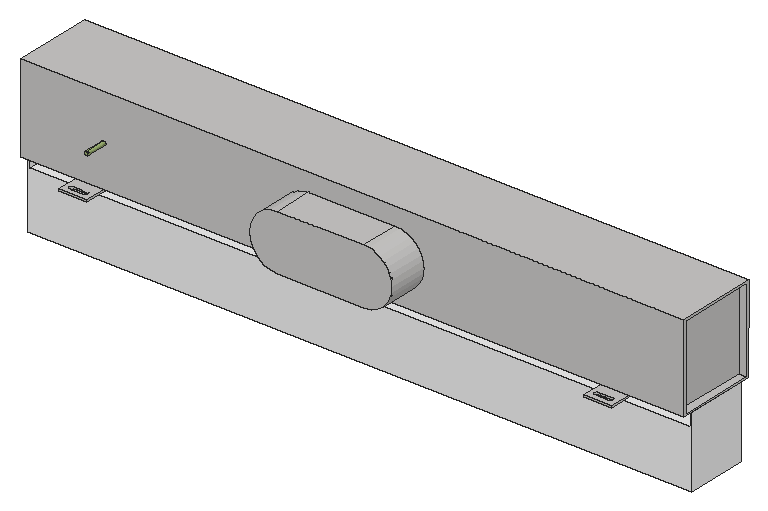
Revit family "HVAC-Inffuser-Dadanco-IDL20e", category Mechanical Equipment, Revit 2015
Parameters (values of type "4' Nominal Length")
  Zone Name [instance] = ""
  Zone ID [instance] = ""
  Unit Width = 0' - 8 199/256"  # constant formula
  Unit Tag [instance] = ""
  Unit Height = 0' - 11 105/256"  # constant formula
  URL = "http://www.dadanco.com/"
  Type Comments = "2 way Discharge External Entrainment Linear Inffuser"
  Total Cooling Capacity = 0.0 Btu/h
  Supply Air = 0 CFM
  Revision Date = "04/04/2008"  # constant formula
  Primary Air Static Pressure [instance] = PASP  # 0.00 in-wg
  Primary Air Inlet Size = 0' - 8"
  Primary Air Flow Rate [instance] = PA  # 0 CFM
  PASP = 0.00 in-wg
  PA = 0 CFM
  Overall Unit Length = Nominal Unit Length - 0' 0 1/4"  # 3' - 11 3/4"
  Nozzle Configuration = ""
  Nominal Unit Length = 4' - 0"
  Net Unit Cooling Sensible = 0.0 Btu/h
  Model Number = ""
  Latent Cooling = 0.0 Btu/h
  Keynote = "23 37 00.A1"
  Grill Material = Metal-Dadanco-Aluminum-Bone White
  Product Page URL = "ttp://www.dadanco.com/inffuser/dadanco_inffuser_air.asp"
  Documentation Link = "http://www.dadanco.com/inffuser/air_quality_literature.asp?productLineID=31"
  Cooling Supply Air Temperature = 0 °F
  Cooling Room Relative Humidity = 0
  Cooling Room Dry Bulb = 0 °F
  Cooling Primary Air Relative Humidity = 0
  Model = "IDL20E"  # constant formula
  Manufacturer = "Dadanco"  # constant formula
  Plenum Material = Metal-Dadanco-Steel-Galvanized
  Description = "Inffuser"  # constant formula
  Cooling Primary Air Dry Bulb = 0 °F
  Architectural Design Manual = "http://www.dadanco.com/inffuser/dadanco_inffuser_air.asp"
  Air Inlet Length = if(Primary Air Inlet Size = 0' 6", 0' 7 215/256", if(Primary Air Inlet Size = 0' 8", 0' 10 61/256", if(Primary Air Inlet Size = 0' 10", 1' 0 215/256", 0' 6")))  # 0' - 10 61/256"
  Air Inlet Radius = if(Primary Air Inlet Size = 0' 6", 0' 1 41/128", if(Primary Air Inlet Size = 0' 8", 0' 2 5/256", if(Primary Air Inlet Size = 0' 10", 0' 2 41/128", 0' 1 1/2")))  # 0' - 2 5/256"
  Air Inlet Height = Air Inlet Radius * 2  # 0' - 4 5/128"
  Air Inlet Half Length = Air Inlet Length / 2  # 0' - 5.11914"
  Assembly Code = "D3040100"
Reference planes (in)
  plane 1 "Center (Front/Back)": y = 4.89822
  plane 2 "Bottom of Plenum": z = 5.11116
  plane 3 "Center (Left/Right)": x = 0.55581
  plane 4 "Nominal Right": x = 24.43081
  plane 5 "Back Edge of Back Bracket": y = 9.28689
  plane 6 "Front Edge of Front Bracket": y = 0.50955
  plane 7 "Top": z = 11.41016
  plane 8 "Bottom": z = 0
  plane 9 "Nominal Left": x = -23.31919
  plane 10 "Back Face of Plenum": y = 7.77822
  plane 11 "Front Face of Plenum": y = 2.01822
  plane 12 "Back Face of Grill": y = 7.06372
  plane 13 "Front Face of Grill": y = 2.73272
  plane 14 "Comiss Pipe Centerline": x = -17.31919
  plane 15 "Left Bracket Left Edge": x = -19.31919
  plane 16 "Right Bracket Right Edge": x = 20.43081
  plane 17 "Left End of Air Inlet": x = -4.56333
  plane 18 "Right End of Air Inlet": x = 5.67495
  plane 19 "Horizontal Centerline of Air Inlet": z = 8.11116
  plane 20 "Top of Grill": z = 4.12716
Forms (in)
  Extrusion 1, solid, material "Metal-Dadanco-Steel-Galvanized" <- "Plenum Material"
    sketch origin (0.55581, 0, 0) x (0, 1, 0) y (0, 0, 1)
      loop
        line (2.01822, 5.11116) -> (7.77822, 5.11116) -> (7.77822, 11.41016) -> (2.01822, 11.41016) -> (2.01822, 5.11116)
    from -23.875 to 23.875
  Extrusion 2, solid, material "Metal-Dadanco-Aluminum-Bone White" <- "Grill Material"
    sketch origin (-13.44419, 7.52127, -6.32843) x (0, 0, -1) y (1, 0, 0)
      loop
        line (-11.43959, -9.875) -> (-6.32843, -9.875) -> (-6.32843, 37.875) -> (-11.43959, 37.875) -> (-11.43959, 37.75) -> (-10.45559, 37.75) -> (-10.45559, -9.75) -> (-11.43959, -9.75) -> (-11.43959, -9.875)
    from 0.45755 to 4.78855
  Extrusion 3, void, detail levels medium+fine
    sketch origin (0.55581, 0, 0) x (0, 1, 0) y (0, 0, 1)
      loop
        line (2.14322, 5.23616) -> (7.65322, 5.23616) -> (7.65322, 11.28516) -> (2.14322, 11.28516) -> (2.14322, 5.23616)
    from 23.275 to 23.875
  Extrusion 4, void, detail levels medium+fine
    sketch origin (-23.31919, 29.0104, 48) x (0, -1, 0) y (0, 0, 1)
      loop
        line (21.35718, -42.76384) -> (26.86718, -42.76384) -> (26.86718, -36.71484) -> (21.35718, -36.71484) -> (21.35718, -42.76384)
    from -0.60156 to 0
  Extrusion 5, solid, material "Metal-Dadanco-Copper-Platina", detail levels medium+fine
    sketch origin (-9.20803, 2.01822, 25.43034) x (0, 0, -1) y (-1, 0, 0)
      loop
        circle (17.31919, 8.11116) r 0.125
    from -1.50867 to 0
  Extrusion 6, solid, material "Metal-Dadanco-Steel-Galvanized" <- "Plenum Material", detail levels medium+fine
    sketch origin (0, 2.01822, 0) x (-1, 0, 0) y (0, 0, 1)
      loop
        line (2.5438, 10.13069) -> (-3.65542, 10.13069)
        spline (-3.65542, 10.13069) -> (-4.17811, 10.06187) -> (-4.66519, 9.86012) -> (-5.08345, 9.53918) -> (-5.40439, 9.12092) -> (-5.60614, 8.63385) -> (-5.67495, 8.11116) -> (-5.60614, 7.58846) -> (-5.40439, 7.10139) -> (-5.08345, 6.68313) -> (-4.66519, 6.36219) -> (-4.17811, 6.16044) -> (-3.65542, 6.09162)
        line (-3.65542, 6.09162) -> (2.5438, 6.09162)
        spline (2.5438, 6.09162) -> (3.06649, 6.16044) -> (3.55356, 6.36219) -> (3.97182, 6.68313) -> (4.29276, 7.10139) -> (4.49452, 7.58846) -> (4.56333, 8.11116) -> (4.49452, 8.63385) -> (4.29276, 9.12092) -> (3.97182, 9.53918) -> (3.55356, 9.86012) -> (3.06649, 10.06187) -> (2.5438, 10.13069)
    from -2.8 to 0
Cuts and joins
  Extrusion 3, Extrusion 4 cuts Extrusion 1
Lines and regions (in)
  Masking region 1
    outline origin (0, 0, 11.41016) x (0, 1, 0) y (-1, 0, 0)
      loop
        line (2.01822, 23.31919) -> (2.01822, -24.43081) -> (7.77822, -24.43081) -> (7.77822, 23.31919) -> (2.01822, 23.31919)
  Masking region 2
    outline origin (0, 2.01822, 0) x (-1, 0, 0) y (0, 0, 1)
      loop
        line (-24.43081, 0) -> (23.31919, 0) -> (23.31919, 11.41016) -> (-24.43081, 11.41016) -> (-24.43081, 0)
  Masking region 3, detail levels medium+fine
    outline origin (-23.31919, 29.0104, 48) x (0, 1, 0) y (0, 0, 1)
      loop
        line (-21.23218, -36.58984) -> (-26.99218, -36.58984) -> (-26.99218, -42.88884) -> (-26.27768, -42.88884) -> (-26.27768, -48) -> (-21.94668, -48) -> (-21.94668, -42.88884) -> (-21.23218, -42.88884) -> (-21.23218, -36.58984)
  Masking region 4, detail levels medium+fine
    outline origin (24.43081, 0, 0) x (0, 1, 0) y (0, 0, 1)
      loop
        line (7.77822, 11.41016) -> (2.01822, 11.41016) -> (2.01822, 5.11116) -> (2.73272, 5.11116) -> (2.73272, 0) -> (7.06372, 0) -> (7.06372, 5.11116) -> (7.77822, 5.11116) -> (7.77822, 11.41016)
  Masking region 5, detail levels medium+fine
    outline origin (0, 0, 8.11116) x (-1, 0, 0) y (0, -1, 0)
      loop
        line (4.56333, 0.78178) -> (-5.67495, 0.78178) -> (-5.67495, -2.01822) -> (4.56333, -2.01822) -> (4.56333, 0.78178)
  Masking region 6, detail levels coarse
    outline origin (24.43081, 0, 0) x (0, 1, 0) y (0, 0, 1)
      loop
        line (2.01822, 11.41016) -> (2.01822, 0) -> (7.77822, 0) -> (7.77822, 11.41016) -> (2.01822, 11.41016)
  Masking region 7, detail levels medium+fine
    outline origin (0.55581, 0, 0) x (0, 1, 0) y (0, 0, 1)
      loop
        line (-0.78178, 6.09162) -> (2.01822, 6.09162) -> (2.01822, 10.13069) -> (-0.78178, 10.13069) -> (-0.78178, 6.09162)
  reference lines
    curve 1: line (-6.4555, 2.01822, 6.09162) -> (8.94293, 2.01822, 6.09162)
    curve 2: line (-6.4555, 2.01822, 10.13069) -> (8.94293, 2.01822, 10.13069)
    curve 5: line (-2.5438, 2.01822, 5.85851) -> (-2.5438, 2.01822, 10.72103)
    curve 6: line (3.65542, 2.01822, 5.85851) -> (3.65542, 2.01822, 10.72103)
    curve 7: line (-5.29742, -0.78178, 0) -> (7.35102, -0.78178, 0)
  model lines, style "MechanicalEquipment", detail levels medium+fine
    curve 3: line (-23.31919, 5.39822, 0) -> (24.43081, 5.39822, 0)
    curve 4: line (24.43081, 4.39822, 0) -> (-23.31919, 4.39822, 0)
    curve 35: line (-23.31919, 6.68872, 0) -> (24.43081, 6.68872, 0)
    curve 36: line (-23.31919, 3.10772, 0) -> (24.43081, 3.10772, 0)
  symbolic lines, detail levels fine
    curve 8: line (-17.44419, 2.01822, 5.11116) -> (-17.44419, 0.50955, 5.11116)
    curve 18: line (-23.31919, 7.65322, 5.23616) -> (-23.31919, 2.14322, 5.23616)
    curve 19: line (-23.31919, 7.65322, 11.28516) -> (-23.31919, 7.65322, 5.23616)
    curve 20: line (-23.31919, 2.14322, 11.28516) -> (-23.31919, 7.65322, 11.28516)
    curve 21: line (-23.31919, 2.14322, 5.23616) -> (-23.31919, 2.14322, 11.28516)
    curve 26: line (0.55581, 2.14322, 5.23616) -> (0.55581, 7.65322, 5.23616)
    curve 27: line (0.55581, 2.14322, 11.28516) -> (0.55581, 2.14322, 5.23616)
    curve 28: line (0.55581, 7.65322, 11.28516) -> (0.55581, 2.14322, 11.28516)
    curve 29: line (0.55581, 7.65322, 5.23616) -> (0.55581, 7.65322, 11.28516)
  symbolic lines, detail levels medium+fine
    curve 9: line (24.30581, 7.77822, 5.11116) -> (24.30581, 7.77822, 4.12716)
    curve 10: line (24.30581, 7.77822, 4.12716) -> (-23.19419, 7.77822, 4.12716)
    curve 11: line (-23.19419, 7.77822, 4.12716) -> (-23.19419, 7.77822, 5.11116)
    curve 12: line (-23.34222, 7.77822, 5.11116) -> (24.43081, 7.77822, 5.11116)
    curve 13: line (-23.19419, 2.01822, 5.11116) -> (-23.19419, 2.01822, 4.12716)
    curve 14: line (-23.19419, 2.01822, 4.12716) -> (24.30581, 2.01822, 4.12716)
    curve 15: line (24.30581, 2.01822, 4.12716) -> (24.30581, 2.01822, 5.11116)
    curve 16: line (24.43081, 2.01822, 5.11116) -> (-23.34222, 2.01822, 5.11116)
    curve 17: line (-23.31919, 7.06372, 5.11116) -> (-23.31919, 2.73272, 5.11116)
    curve 22: line (-17.31919, 2.01822, 8.23616) -> (-17.31919, 0.50955, 8.23616)
    curve 23: line (-17.31919, 0.50955, 8.23616) -> (-17.31919, 0.50955, 7.98616)
    curve 24: line (-17.31919, 0.50955, 7.98616) -> (-17.31919, 2.01822, 7.98616)
    curve 25: line (24.43081, 2.73272, 5.11116) -> (24.43081, 7.06372, 5.11116)
    curve 30: circle (-17.31919, 2.01822, 8.11116) r 0.125 normal (0, 1, 0)
    curve 31: spline (-2.5438, 2.01822, 6.09162) -> (-3.06649, 2.01822, 6.16044) -> (-3.55356, 2.01822, 6.36219) -> (-3.97182, 2.01822, 6.68313) -> (-4.29276, 2.01822, 7.10139) -> (-4.49452, 2.01822, 7.58846) -> (-4.56333, 2.01822, 8.11116) -> (-4.49452, 2.01822, 8.63385) -> (-4.29276, 2.01822, 9.12092) -> (-3.97182, 2.01822, 9.53918) -> (-3.55356, 2.01822, 9.86012) -> (-3.06649, 2.01822, 10.06187) -> (-2.5438, 2.01822, 10.13069)
    curve 32: spline (3.65542, 2.01822, 10.13069) -> (4.17811, 2.01822, 10.06187) -> (4.66519, 2.01822, 9.86012) -> (5.08345, 2.01822, 9.53918) -> (5.40439, 2.01822, 9.12092) -> (5.60614, 2.01822, 8.63385) -> (5.67495, 2.01822, 8.11116) -> (5.60614, 2.01822, 7.58846) -> (5.40439, 2.01822, 7.10139) -> (5.08345, 2.01822, 6.68313) -> (4.66519, 2.01822, 6.36219) -> (4.17811, 2.01822, 6.16044) -> (3.65542, 2.01822, 6.09162)
    curve 33: line (-2.5438, 2.01822, 10.13069) -> (3.65542, 2.01822, 10.13069)
    curve 34: line (3.65542, 2.01822, 6.09162) -> (-2.5438, 2.01822, 6.09162)
Dimensions and locks (in)
  equal spacing: plane 9 "Nominal Left", plane 3 "Center (Left/Right)", plane 4 "Nominal Right"
  "Overall Unit Length": plane 9 "Nominal Left" to plane 4 "Nominal Right"
  "Unit Width": plane 6 "Front Edge of Front Bracket" to plane 5 "Back Edge of Back Bracket"
  equal spacing: plane 5 "Back Edge of Back Bracket", plane 1 "Center (Front/Back)", plane 6 "Front Edge of Front Bracket"
  "Unit Height": plane 7 "Top" to plane 8 "Bottom"
  locked: plane 7 "Top" to plane 2 "Bottom of Plenum" at 6.299
  locked: plane 10 "Back Face of Plenum" to plane 11 "Front Face of Plenum" at 5.76
  equal spacing: plane 10 "Back Face of Plenum", plane 1 "Center (Front/Back)", plane 11 "Front Face of Plenum"
  locked: plane 9 "Nominal Left" to plane 14 "Comiss Pipe Centerline" at 6
  locked: plane 9 "Nominal Left" to plane 15 "Left Bracket Left Edge" at 4
  locked: plane 16 "Right Bracket Right Edge" to plane 4 "Nominal Right" at 4
  locked: plane 19 "Horizontal Centerline of Air Inlet" to plane 2 "Bottom of Plenum" at 3
  "Air Inlet Half Length": plane 17 "Left End of Air Inlet" to plane 3 "Center (Left/Right)"
  "Air Inlet Half Length": plane 18 "Right End of Air Inlet" to plane 3 "Center (Left/Right)"
  "Air Inlet Radius": plane 19 "Horizontal Centerline of Air Inlet" to curve 1
  "Air Inlet Radius": curve 2 to plane 19 "Horizontal Centerline of Air Inlet"
  locked: plane 2 "Bottom of Plenum" to plane 20 "Top of Grill" at 0.984
  locked: Extrusion 2 sketch curve to Extrusion 2 sketch curve at 0.125
  locked: Extrusion 2 sketch curve to plane 9 "Nominal Left" at 0.125
  locked: plane 7 "Top" to Extrusion 3 sketch curve at 0.125
  locked: Extrusion 1 to Extrusion 3 sketch curve at 0.125
  locked: Extrusion 3 sketch curve to Extrusion 1 at 0.125
  locked: Extrusion 3 sketch curve to plane 2 "Bottom of Plenum" at 0.125
  locked: cut or joined group of Extrusion 1, Extrusion 3, Extrusion 4 to plane 4 "Nominal Right" at 0.6  (x2)
  locked: cut or joined group of Extrusion 1, Extrusion 3, Extrusion 4 to plane 9 "Nominal Left" at 0.60156
  plane 4 "Nominal Right" to cut or joined group of Extrusion 1, Extrusion 3, Extrusion 4 = 0' - 0"
  locked: plane 9 "Nominal Left" to cut or joined group of Extrusion 1, Extrusion 3, Extrusion 4 at 0
  locked: plane 1 "Center (Front/Back)" to curve 3 at 0.5
  locked: plane 1 "Center (Front/Back)" to curve 4 at 0.5
  "Air Inlet Radius": plane 17 "Left End of Air Inlet" to curve 5
  "Air Inlet Radius": plane 18 "Right End of Air Inlet" to curve 6
  locked: plane 18 "Right End of Air Inlet" to Extrusion 6 sketch curve at 0
  locked: plane 17 "Left End of Air Inlet" to Extrusion 6 sketch curve at 0
  locked: plane 11 "Front Face of Plenum" to curve 7 at 2.8
  plane 12 "Back Face of Grill" to plane 13 "Front Face of Grill" = 0' - 4.331"
  equal spacing: plane 12 "Back Face of Grill", plane 1 "Center (Front/Back)", plane 13 "Front Face of Grill"
  locked: plane 9 "Nominal Left" to cut or joined group of Extrusion 1, Extrusion 3, Extrusion 4 at 0.60156
  "Air Inlet Half Length": Masking region 5 sketch curve to plane 3 "Center (Left/Right)"
  "Air Inlet Half Length": plane 3 "Center (Left/Right)" to Masking region 5 sketch curve
  locked: curve 35 to plane 12 "Back Face of Grill" at 0.375
  locked: plane 13 "Front Face of Grill" to curve 36 at 0.375
  aligned and locked: plane 8 "Bottom" to level
  aligned and locked: plane 11 "Front Face of Plenum" to Extrusion 1 sketch curve
  aligned and locked: plane 7 "Top" to Extrusion 1 sketch curve
  aligned and locked: Extrusion 1 to plane 9 "Nominal Left"
  aligned and locked: Extrusion 1 to plane 4 "Nominal Right"
  aligned and locked: plane 10 "Back Face of Plenum" to Extrusion 1 sketch curve
  aligned and locked: Extrusion 2 sketch curve to plane 9 "Nominal Left"
  aligned and locked: plane 2 "Bottom of Plenum" to Extrusion 2 sketch curve  (x2)
  aligned and locked: plane 8 "Bottom" to Extrusion 2 sketch curve
  aligned and locked: Extrusion 2 sketch curve to plane 4 "Nominal Right"
  aligned and locked: Extrusion 2 to plane 13 "Front Face of Grill"
  aligned and locked: plane 12 "Back Face of Grill" to Extrusion 2
  aligned and locked: Extrusion 3 to plane 4 "Nominal Right"
  aligned and locked: Extrusion 4 sketch curve to cut or joined group of Extrusion 1, Extrusion 3, Extrusion 4  (x3)
  aligned and locked: cut or joined group of Extrusion 1, Extrusion 3, Extrusion 4 to Extrusion 4 sketch curve
  aligned and locked: cut or joined group of Extrusion 1, Extrusion 3, Extrusion 4 to plane 4 "Nominal Right"
  aligned and locked: plane 4 "Nominal Right" to cut or joined group of Extrusion 1, Extrusion 3, Extrusion 4  (x3)
  aligned and locked: plane 9 "Nominal Left" to cut or joined group of Extrusion 1, Extrusion 3, Extrusion 4
  aligned and locked: Extrusion 4 to plane 9 "Nominal Left"
  aligned and locked: plane 11 "Front Face of Plenum" to Extrusion 5
  aligned and locked: plane 6 "Front Edge of Front Bracket" to Extrusion 5
  aligned and locked: plane 4 "Nominal Right" to curve 3
  aligned and locked: plane 4 "Nominal Right" to curve 4
  aligned and locked: plane 9 "Nominal Left" to curve 3
  aligned and locked: plane 9 "Nominal Left" to curve 4
  aligned and locked: curve 2 to Extrusion 6 sketch curve
  aligned and locked: Extrusion 6 sketch curve to curve 1
  aligned and locked: curve 6 to Extrusion 6 sketch curve  (x2)
  aligned and locked: curve 5 to Extrusion 6 sketch curve  (x2)
  aligned: plane 6 "Front Edge of Front Bracket" to Extrusion 6
  aligned and locked: plane 11 "Front Face of Plenum" to Extrusion 6
  aligned and locked: Masking region 1 sketch curve to cut or joined group of Extrusion 1, Extrusion 3, Extrusion 4  (x3)
  aligned and locked: cut or joined group of Extrusion 1, Extrusion 3, Extrusion 4 to Masking region 1 sketch curve
  aligned and locked: curve 7 to Extrusion 6
  aligned and locked: Extrusion 2 to Masking region 2 sketch curve
  aligned and locked: Masking region 2 sketch curve to curve 3
  aligned and locked: Masking region 2 sketch curve to cut or joined group of Extrusion 1, Extrusion 3, Extrusion 4  (x2)
  aligned and locked: curve 10 to plane 20 "Top of Grill"
  aligned and locked: plane 2 "Bottom of Plenum" to curve 12
  aligned and locked: plane 2 "Bottom of Plenum" to curve 16
  aligned and locked: curve 14 to plane 20 "Top of Grill"
  aligned and locked: Masking region 3 sketch curve to plane 7 "Top"
  aligned and locked: Masking region 3 sketch curve to plane 10 "Back Face of Plenum"
  aligned and locked: plane 11 "Front Face of Plenum" to Masking region 3 sketch curve
  aligned and locked: plane 13 "Front Face of Grill" to Masking region 3 sketch curve
  aligned and locked: Masking region 3 sketch curve to plane 12 "Back Face of Grill"
  aligned and locked: Masking region 3 sketch curve to plane 8 "Bottom"
  aligned and locked: plane 2 "Bottom of Plenum" to Masking region 3 sketch curve  (x2)
  aligned and locked: curve 18 to cut or joined group of Extrusion 1, Extrusion 3, Extrusion 4  (x2)
  aligned and locked: cut or joined group of Extrusion 1, Extrusion 3, Extrusion 4 to curve 21
  aligned and locked: curve 21 to cut or joined group of Extrusion 1, Extrusion 3, Extrusion 4
  aligned and locked: plane 2 "Bottom of Plenum" to Extrusion 2
  aligned and locked: curve 26 to cut or joined group of Extrusion 1, Extrusion 3, Extrusion 4  (x2)
  aligned and locked: cut or joined group of Extrusion 1, Extrusion 3, Extrusion 4 to curve 29
  aligned and locked: curve 29 to cut or joined group of Extrusion 1, Extrusion 3, Extrusion 4
  aligned and locked: plane 14 "Comiss Pipe Centerline" to Extrusion 5 sketch curve
  aligned and locked: plane 19 "Horizontal Centerline of Air Inlet" to Extrusion 5 sketch curve
  aligned and locked: plane 5 "Back Edge of Back Bracket" to nested 2
  aligned and locked: plane 6 "Front Edge of Front Bracket" to nested 1
  aligned and locked: plane 6 "Front Edge of Front Bracket" to nested 4
  aligned and locked: plane 5 "Back Edge of Back Bracket" to nested 3
  aligned and locked: nested 1 to plane 2 "Bottom of Plenum"
  aligned and locked: plane 2 "Bottom of Plenum" to nested 2
  aligned and locked: plane 2 "Bottom of Plenum" to nested 3
  aligned and locked: nested 4 to plane 2 "Bottom of Plenum"
  aligned and locked: plane 20 "Top of Grill" to Extrusion 2
  aligned and locked: cut or joined group of Extrusion 1, Extrusion 3, Extrusion 4 to plane 2 "Bottom of Plenum"
  aligned and locked: plane 15 "Left Bracket Left Edge" to nested 4
  aligned and locked: nested 3 to plane 15 "Left Bracket Left Edge"
  aligned and locked: nested 2 to plane 16 "Right Bracket Right Edge"
  aligned and locked: plane 16 "Right Bracket Right Edge" to nested 1
  aligned and locked: Masking region 5 sketch curve to Extrusion 6  (x2)
  aligned and locked: curve 5 to curve 31  (x2)
  aligned and locked: curve 6 to curve 32  (x2)
  aligned and locked: curve 33 to Extrusion 6
  aligned and locked: curve 34 to Extrusion 6
  aligned and locked: plane 11 "Front Face of Plenum" to Masking region 6 sketch curve
  aligned and locked: plane 7 "Top" to Masking region 6 sketch curve
  aligned and locked: plane 8 "Bottom" to Masking region 6 sketch curve
  aligned and locked: plane 10 "Back Face of Plenum" to Masking region 6 sketch curve
  aligned and locked: Masking region 7 sketch curve to Extrusion 6  (x3)
  aligned and locked: Extrusion 6 to Masking region 7 sketch curve
Automatic sketch dimensions
  curve 2 to plane 18 "Right End of Air Inlet" = 0' - 3.26798"
  plane 17 "Left End of Air Inlet" to curve 2 = 0' - 1.89217"
  curve 1 to curve 2 = 0' - 0"
  plane 17 "Left End of Air Inlet" to curve 1 = 0' - 1.89217"
  curve 5 to plane 7 "Top" = 0' - 0.68912"
  plane 2 "Bottom of Plenum" to curve 5 = 0' - 0.74736"
  plane 2 "Bottom of Plenum" to curve 6 = 0' - 0.74736"
  curve 6 to plane 7 "Top" = 0' - 0.68912"
  plane 18 "Right End of Air Inlet" to curve 7 = 0' - 1.67607"
  curve 7 to plane 17 "Left End of Air Inlet" = 0' - 0.73409"
  curve 17 to plane 2 "Bottom of Plenum" = 0' - 0"
  curve 17 to plane 13 "Front Face of Grill" = 0' - 0"
  curve 17 to plane 12 "Back Face of Grill" = 0' - 0"
  Extrusion 1 sketch curve to plane 2 "Bottom of Plenum" = 0' - 0"
  Extrusion 2 sketch curve to plane 20 "Top of Grill" = 0' - 0"
  curve 35 to plane 4 "Nominal Right" = 0' - 0"
  curve 36 to plane 4 "Nominal Right" = 0' - 0"
  curve 35 to plane 9 "Nominal Left" = 0' - 0"
  curve 36 to plane 9 "Nominal Left" = 0' - 0"
  plane 6 "Front Edge of Front Bracket" to curve 8 = 0' - 0"
  curve 8 to plane 11 "Front Face of Plenum" = 0' - 0"
  plane 14 "Comiss Pipe Centerline" to curve 8 = 0' - 0 1/8"
  plane 4 "Nominal Right" to curve 12 = 0' - 0"
  plane 4 "Nominal Right" to curve 10 = 0' - 0 1/8"
  plane 9 "Nominal Left" to curve 11 = 0' - 0 1/8"
  curve 12 to plane 9 "Nominal Left" = 0' - 0.02304"
  plane 4 "Nominal Right" to curve 16 = 0' - 0"
  plane 14 "Comiss Pipe Centerline" to curve 30 = 0' - 0"
  curve 30 to plane 19 "Horizontal Centerline of Air Inlet" = 0' - 0"
  plane 4 "Nominal Right" to curve 15 = 0' - 0 1/8"
  plane 9 "Nominal Left" to curve 14 = 0' - 0 1/8"
  curve 16 to plane 9 "Nominal Left" = 0' - 0.02304"
  curve 24 to plane 11 "Front Face of Plenum" = 0' - 0"
  curve 22 to plane 11 "Front Face of Plenum" = 0' - 0"
  curve 23 to plane 6 "Front Edge of Front Bracket" = 0' - 0"
  curve 24 to plane 19 "Horizontal Centerline of Air Inlet" = 0' - 0 1/8"
  plane 19 "Horizontal Centerline of Air Inlet" to curve 23 = 0' - 0 1/8"
  Masking region 4 sketch curve to plane 7 "Top" = 0' - 0"
  Masking region 4 sketch curve to plane 11 "Front Face of Plenum" = 0' - 0"
  level to Masking region 4 sketch curve = 0' - 0"
  Masking region 4 sketch curve to plane 13 "Front Face of Grill" = 0' - 0"
  Masking region 4 sketch curve to plane 12 "Back Face of Grill" = 0' - 0"
  Masking region 4 sketch curve to plane 10 "Back Face of Plenum" = 0' - 0"
  Masking region 4 sketch curve to plane 2 "Bottom of Plenum" = 0' - 0"  (x2)
  curve 25 to plane 2 "Bottom of Plenum" = 0' - 0"
  curve 25 to plane 13 "Front Face of Grill" = 0' - 0"
  curve 25 to plane 12 "Back Face of Grill" = 0' - 0"
  radius of Extrusion 5 sketch curve = 0' - 0 1/8"
  radius of curve 30 = 0' - 0 1/8"
Nested families (in)
  nested 1: "HVAC-Inffuser-Dadanco-IDL_Bracket" at (19.43081, 1.57555, 5.11116), type "Flat Bracket", detail levels medium+fine
  nested 2: "HVAC-Inffuser-Dadanco-IDL_Bracket" at (19.43081, 8.22089, 5.11116) x (-1, 0, 0) z (0, 0, 1), type "Flat Bracket", detail levels medium+fine
  nested 3: "HVAC-Inffuser-Dadanco-IDL_Bracket" at (-18.31919, 8.22089, 5.11116) x (-1, 0, 0) z (0, 0, 1), type "Flat Bracket", detail levels medium+fine
  nested 4: "HVAC-Inffuser-Dadanco-IDL_Bracket" at (-18.31919, 1.57555, 5.11116), type "Flat Bracket", detail levels medium+fine
Connectors (in)
  hvac at (0.55581, -0.78178, 8.11116), driven by "Air Inlet Height", driven by "Air Inlet Length", driven by "Primary Air Flow Rate", driven by "Primary Air Static Pressure"
    settings: on Extrusion 6, index 1, duct flow 0 CFM, flow factor 0, pres drop 0.00 in-wg, loss coef 0, conn angle 0.00°, conn width 10 61/256", conn height 4 5/128", conn diameter 24", duct sys type 1, conn prof type 1, flow config 1, flow direction 1, loss method 4, conn ref index -1, conn util no, is conn primary yes, conn desc "Primary Air Inlet Front"
Definition of nested family "HVAC-Inffuser-Dadanco-IDL_Bracket"
  Reference planes (in)
    plane 1 "Center (Front/Back)": y = 0
    plane 2: z = 0
    plane 3 "Center (Left/Right)": x = 0
    plane 4: x = -1
    plane 5: x = 1
    plane 6: y = 1.334
    plane 7: y = -1.066
  Forms (in)
    Extrusion 1, solid, detail levels medium+fine
      sketch origin (0, 0, 0) x (1, 0, 0) y (0, 1, 0)
        loop
          line (-1, -1.066) -> (1, -1.066) -> (1, 1.334) -> (-1, 1.334) -> (-1, -1.066)
      from -0.125 to 0
    Extrusion 2, void
      sketch origin (0, 0, 0) x (1, 0, 0) y (0, 1, 0)
        loop
          arc (-0.5, -0.35) -> (-0.683, -0.533) -> (-0.5, -0.716) r 0.183
          line (-0.5, -0.716) -> (0.5, -0.716)
          arc (0.5, -0.716) -> (0.683, -0.533) -> (0.5, -0.35) r 0.183
          line (0.5, -0.35) -> (-0.5, -0.35)
      from -0.125 to 0
  Cuts and joins
    Extrusion 2 cuts Extrusion 1
  Lines and regions (in)
    reference lines
      curve 1: line (-0.84521, -0.716, 0) -> (0.85256, -0.716, 0)
      curve 2: line (-0.84521, -0.35, 0) -> (0.85256, -0.35, 0)
      curve 3: line (-0.5, -0.90921, 0) -> (-0.5, -0.12051, 0)
      curve 4: line (0.5, -0.90921, 0) -> (0.5, -0.12051, 0)
    symbolic lines, detail levels fine
      curve 5: line (0.5, -0.35, 0) -> (-0.5, -0.35, 0)
      curve 6: arc (-0.5, -0.35, 0) -> (-0.683, -0.533, 0) -> (-0.5, -0.716, 0) r 0.183
      curve 7: line (-0.5, -0.716, 0) -> (0.5, -0.716, 0)
      curve 8: arc (0.5, -0.716, 0) -> (0.683, -0.533, 0) -> (0.5, -0.35, 0) r 0.183
      curve 9: line (-1, 0, -0.125) -> (1, 0, -0.125)
      curve 10: line (-1, 0, 0) -> (-1, 0, -0.125)
      curve 12: line (1, 0, -0.125) -> (1, 0, 0)
      curve 14: line (0, -1.066, -0.125) -> (0, -1.066, 0)
      curve 15: line (0, 1.334, -0.125) -> (0, -1.066, -0.125)
      curve 16: line (0, 1.334, 0) -> (0, 1.334, -0.125)
    symbolic lines, detail levels medium+fine
      curve 11: line (1, 0, 0) -> (-1, 0, 0)
      curve 13: line (0, -1.066, 0) -> (0, 1.334, 0)
      curve 17: line (-1, 0.434, 0) -> (-1, -1.066, 0)
      curve 18: line (-1, -1.066, 0) -> (1, -1.066, 0)
      curve 19: line (1, -1.066, 0) -> (1, 0.434, 0)
  Dimensions and locks (in)
    locked: plane 6 to plane 7 at 2.4
    equal spacing: plane 4, plane 3 "Center (Left/Right)", plane 5
    locked: plane 4 to plane 5 at 2
    locked: curve 1 to plane 7 at 0.35
    locked: curve 2 to plane 1 "Center (Front/Back)" at 0.35
    curve 3 to plane 3 "Center (Left/Right)" to curve 4 = 0' - 0 1/2" locked, 0' - 0 1/2" locked
    locked: Extrusion 1 to Extrusion 1 at 0.125
    locked: Extrusion 2 to Extrusion 2 at 0.125
    locked: plane 1 "Center (Front/Back)" to plane 6 at 1.334
    aligned and locked: plane 4 to Extrusion 1 sketch curve
    aligned and locked: Extrusion 1 sketch curve to plane 7
    aligned and locked: plane 6 to Extrusion 1 sketch curve
    aligned and locked: Extrusion 1 sketch curve to plane 5
    aligned and locked: level to Extrusion 1
    aligned and locked: curve 2 to Extrusion 2 sketch curve
    aligned and locked: Extrusion 2 sketch curve to curve 1
    aligned and locked: curve 4 to Extrusion 2 sketch curve  (x2)
    aligned and locked: curve 3 to Extrusion 2 sketch curve  (x2)
    aligned and locked: plane 2 to Extrusion 2
    aligned and locked: curve 6 to cut or joined group of Extrusion 1, Extrusion 2
    aligned and locked: curve 8 to cut or joined group of Extrusion 1, Extrusion 2
    aligned and locked: curve 9 to cut or joined group of Extrusion 1, Extrusion 2  (x2)
    aligned and locked: cut or joined group of Extrusion 1, Extrusion 2 to curve 12
    aligned and locked: curve 12 to cut or joined group of Extrusion 1, Extrusion 2
    aligned and locked: curve 13 to cut or joined group of Extrusion 1, Extrusion 2  (x2)
    aligned and locked: curve 16 to cut or joined group of Extrusion 1, Extrusion 2  (x2)
    aligned and locked: cut or joined group of Extrusion 1, Extrusion 2 to plane 5
    aligned and locked: plane 4 to curve 17
    aligned and locked: cut or joined group of Extrusion 1, Extrusion 2 to plane 7
  Automatic sketch dimensions
    curve 2 to plane 4 = 0' - 0.15479"
    curve 1 to plane 4 = 0' - 0.15479"
    plane 7 to curve 3 = 0' - 0.15679"
    plane 5 to curve 2 = 0' - 0.14744"
    plane 5 to curve 1 = 0' - 0.14744"
    plane 7 to curve 4 = 0' - 0.15679"
    plane 1 "Center (Front/Back)" to curve 4 = 0' - 0.12051"
    plane 1 "Center (Front/Back)" to curve 3 = 0' - 0.12051"
    curve 18 to plane 5 = 0' - 0"
    curve 18 to plane 7 = 0' - 0"
    curve 19 to plane 1 "Center (Front/Back)" = 0' - 0.434"
    curve 17 to plane 1 "Center (Front/Back)" = 0' - 0.434"
